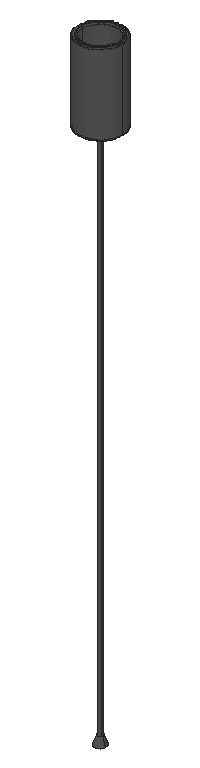
Revit family "CARLO CYLINDER LIGHT Pendant_ Surface", category Lighting Fixtures, host Face, Revit 2020 (continued)
Types (13): name | Wattage_Input | Wattage Comments | Wattage | built-in parameter 1150134 | Size 08 | Size 04 | Photometric Web File | built-in parameter 1150142 | Model | built-in parameter 1150105 | Lumens | built-in parameter 1150107 | built-in parameter 1150106 | Fixture Height | Fixture Diameter | BEAMING ANGLE | Apparent Load
    8856 7.0818 7.2584 7.4461 7.6185 7.7828 7.9432 8.0996 8.2602 \r\n 8.4364 8.5971 8.7773 8.9379 9.1183 9.2942 9.4665 9.6271 9.8074 9.9719 \r\n 10.148 10.317 10.477 10.625 10.765 10.897 11.013 11.129 11.222 11.305 \r\n 11.414 \r\n2254.4 2254.6 2250.9 2242.1 2228.7 2213.4 2198.8 2183.7 2169.7 2151.3 \r\n 2127.2 2099.6 2067.2 2031.7 1992.2 1948.1 1901.8 1854 1804.9 1752.7 \r\n 1698.8 1640.5 1583.1 1524.1 1461.7 1394.9 1325.4 1255.5 1186.1 1120.1 \r\n 1065.8 1016.3 969.93 924.02 878.76 835.5 790.7 742.77 677.36 604.3 \r\n 522.47 438.66 353.19 271.77 193.37 128.32 78.772 52.664 42.075 33.818 \r\n 28.078 24.388 22.002 19.915 18.29 16.889 15.756 14.788 13.75 12.875 \r\n 11.929 11.045 10.254 9.4245 8.7057 8.1508 7.5577 7.2107 6.8102 6.5087 \r\n 6.3154 5.9757 5.7667 5.4193 5.1419 4.8335 4.2982 3.9517 3.4518 3.0261 \r\n 2.7085 2.1649 1.922 1.4757 1.1576 0.95997 0.54901 0.39026 0.16235 0.041109 \r\n 0.012258 0.000096 0 0 0 0 0 0 0 0 \r\n 0 0 0 0 0.0079569 0.031894 0.055888 0.075975 0.11588 0.15201 \r\n 0.20001 0.25211 0.31616 0.38429 0.44451 0.52454 0.60474 0.69662 0.79282 0.88508 \r\n 1.0011 1.1095 1.2336 1.35 1.4901 1.6345 1.7828 1.9391 2.107 2.2793 \r\n 2.4557 2.6361 2.8285 3.0329 3.2374 3.4379 3.6543 3.8708 4.0953 4.3079 \r\n 4.5318 4.7524 4.9808 5.2015 5.414 5.6385 5.867 6.0876 6.3082 6.5168 \r\n 6.7253 6.9253 7.1178 7.3023 7.4788 7.6513 7.8198 7.9842 8.1486 8.309 \r\n 8.4734 8.6418 8.8137 8.9861 9.1625 9.323 9.4874 9.6558 9.8282 10.005 \r\n 10.165 10.337 10.486 10.634 10.766 10.891 11.007 11.112 11.212 11.292 \r\n 11.414 \r\n2254.4 2250.9 2243.7 2232.2 2217.8 2203.8 2190.4 2177.4 2159.8 2135.8 \r\n 2109.3 2077.1 2041.9 2003.1 1959.9 1916.1 1870.2 1821.5 1772 1720.9 \r\n 1666.2 1607.5 1548.6 1486.4 1422 1353.5 1281.6 1211.3 1143.7 1083.5 \r\n 1033.1 984.82 938.93 895.01 850.55 809.96 764.63 716.24 647.91 570.42 \r\n 486.79 403.3 318.14 239.02 166.01 114.53 63.302 46.271 37.738 30.66 \r\n 26.346 23.246 21.224 19.33 17.836 16.597 15.527 14.474 13.517 12.647 \r\n 11.696 10.849 10.036 9.2551 8.7199 8.1244 7.7061 7.4205 7.0375 6.8789 \r\n 6.4972 6.2358 6.0751 5.5358 5.197 4.7344 4.2623 3.9483 3.3513 2.9885 \r\n 2.5096 2.1996 1.9034 1.3592 1.214 0.74985 0.53859 0.34236 0.10277 0.028814 \r\n 0.00030775 0 0 0 0 0 0 0 0 0 \r\n 0 0 0 0.007917 0.027799 0.063649 0.079814 0.12348 0.17145 0.21947 \r\n 0.27936 0.33938 0.40336 0.48322 0.56721 0.64729 0.7392 0.84284 0.94293 1.0548 \r\n 1.1708 1.2908 1.4228 1.5627 1.7067 1.8627 2.0267 2.1907 2.3702 2.5502 \r\n 2.7422 2.9342 3.1342 3.3462 3.5622 3.7744 3.9983 4.2224 4.4505 4.6825 \r\n 4.914 5.15 5.3664 5.6022 5.8265 6.0506 6.2589 6.4788 6.687 6.8991 \r\n 7.0914 7.2908 7.4712 7.6591 7.8274 7.9876 8.1437 8.2958 8.4558 8.6119 \r\n 8.7759 8.94 9.1115 9.2836 9.4477 9.6197 9.7839 9.948 10.116 10.276 \r\n 10.432 10.58 10.717 10.836 10.949 11.045 11.145 11.237 11.325 11.413 \r\n 11.414 \r\n2254.4 2248.7 2240.4 2227 2212.5 2199.7 2187.4 2171.8 2152 2128.6 \r\n 2099.5 2067.8 2031 1991.8 1948.2 1904.1 1858.3 1808 1758.7 1705.6 \r\n 1649.8 1590.7 1529.7 1467.4 1402.2 1331.9 1260.5 1189.2 1122.7 1067.2 \r\n 1016.8 969.77 924.73 880.57 837.89 796.3 750.59 698.49 627.52 546.33 \r\n 461.37 379.95 297.45 221.64 145.97 89.623 57.018 43.893 35.775 29.406 \r\n 25.578 22.891 20.852 19.118 17.667 16.491 15.418 14.359 13.43 12.514 \r\n 11.59 10.789 9.9539 9.2635 8.7837 8.201 7.8414 7.5605 7.1943 7.0677 \r\n 6.6606 6.385 6.1697 5.6195 5.2929 4.7348 4.2796 3.9653 3.3871 3.0768 \r\n 2.5186 2.214 1.8684 1.3834 1.2476 0.72646 0.5345 0.29439 0.063533 0 \r\n 0 0 0 0 0 0 0.000039 0.0040415 0.0080037 0.0080652 \r\n 0.016103 0.028111 0.040119 0.052232 0.076285 0.10438 0.1404 0.17651 0.22065 0.27657 \r\n 0.33661 0.39678 0.4728 0.54495 0.62901 0.71318 0.80928 0.90943 1.0175 1.1257 \r\n 1.2493 1.3537 1.4977 1.6339 1.7821 1.9423 2.1064 2.2746 2.4509 2.639 \r\n 2.8272 3.0234 3.227 3.4352 3.6474 3.8675 4.0799 4.3199 4.5442 4.7763 \r\n 5.0084 5.2286 5.4528 5.6882 5.9084 6.1286 6.3526 6.5648 6.7769 6.9811 \r\n 7.189 7.3771 7.5652 7.7452 7.9169 8.0849 8.2409 8.3852 8.5533 8.7133 \r\n 8.8697 9.0497 9.2218 9.3899 9.554 9.7217 9.8938 10.058 10.21 10.37 \r\n 10.526 10.67 10.806 10.926 11.038 11.138 11.234 11.322 11.398 11.477 \r\n 11.414 \r\n2254.4 2248.4 2236.7 2223.6 2209.5 2197.1 2183.6 2167 2145.2 2119.8 \r\n 2088.3 2055 2016.4 1974.8 1932.1 1886.7 1838.3 1788.6 1738 1682.3 \r\n 1623.9 1562.1 1499.7 1434.4 1367.6 1298.3 1228.5 1157.7 1098.2 1045.9 \r\n 996.62 950.94 905.81 862.38 821.29 776.91 728.25 664.32 586.48 505.36 \r\n 421.39 337.78 257.07 182.59 126.06 69.73 48.753 39.893 32.779 27.071 \r\n 24.409 21.937 20.125 18.518 17.247 16.159 15.096 14.101 13.202 12.248 \r\n 11.393 10.597 9.7433 9.1903 8.6449 8.167 7.9474 7.5248 7.3139 7.0697 \r\n 6.6664 6.4995 5.9675 5.5728 5.1838 4.5929 4.3164 3.699 3.3391 2.9783 \r\n 2.4429 2.2865 1.6342 1.3781 1.0385 0.66596 0.5822 0.19697 0.077497 0.020673 \r\n 0.00022025 0 0 0 0 0 0 0 0 0 \r\n 0 0 0.0039652 0.027806 0.051863 0.083857 0.1198 0.15985 0.21182 0.26395 \r\n 0.324 0.39207 0.46816 0.54434 0.63638 0.72463 0.82078 0.92071 1.0289 1.153 \r\n 1.2654 1.4014 1.5338 1.6859 1.8343 1.9906 2.1628 2.3392 2.5191 2.7114 \r\n 2.9039 3.1042 3.3126 3.5211 3.7376 3.962 4.1826 4.411 4.6396 4.8602 \r\n 5.088 5.3205 5.5333 5.7656 5.9902 6.2068 6.4273 6.6439 6.8524 7.049 \r\n 7.2415 7.4295 7.614 7.7866 7.9669 8.1196 8.2719 8.4322 8.5847 8.7569 \r\n 8.9214 9.0897 9.2656 9.4301 9.5866 9.7469 9.9152 10.064 10.22 10.365 \r\n 10.513 10.657 10.79 10.906 11.014 11.115 11.191 11.263 11.331 11.411 \r\n 11.414 \r\n2254.4 2247.4 2236.4 2222.3 2206.3 2194.1 2181 2163.2 2140.8 2114.6 \r\n 2084.1 2050.2 2012.4 1970.4 1924.7 1877.6 1828.2 1776 1721.6 1663.7 \r\n 1604.7 1543.4 1479.9 1415.4 1349.2 1279.9 1212 1146.6 1089.9 1038.5 \r\n 990.75 946 900.23 856.87 811.84 768.29 710.5 642.98 562.52 475.88 \r\n 393.7 317.1 242.19 167.4 107.52 64.246 46.84 38.48 31.744 26.63 \r\n 24.12 21.668 19.901 18.356 17.11 16.047 14.945 13.979 13.087 12.082 \r\n 11.264 10.434 9.6426 9.1205 8.5296 8.0861 7.8519 7.4207 7.2396 6.9856 \r\n 6.5784 6.3832 5.8915 5.5694 5.1272 4.5807 4.23 3.6465 3.3365 2.8754 \r\n 2.4319 2.184 1.5784 1.4154 0.97519 0.64036 0.51459 0.14746 0.027851 0 \r\n 0 0 0 0 0 0 0.000039 0.0040496 0.0080794 0.01607 \r\n 0.020113 0.028266 0.052297 0.072351 0.092512 0.12478 0.17681 0.21703 0.26921 0.32524 \r\n 0.38549 0.45769 0.52998 0.61421 0.69847 0.78678 0.88311 0.98747 1.0998 1.2162 \r\n 1.3362 1.4647 1.6051 1.7496 1.91 2.0705 2.2351 2.4155 2.5961 2.7887 \r\n 2.9813 3.1819 3.3899 3.6065 3.8231 4.0438 4.2684 4.501 4.7256 4.9503 \r\n 5.1828 5.4035 5.6321 5.8601 6.0886 6.3092 6.5258 6.7423 6.9548 7.1553 \r\n 7.3558 7.5442 7.7246 7.8971 8.069 8.2334 8.3897 8.5383 8.7026 8.8592 \r\n 9.0276 9.1961 9.3643 9.5129 9.6734 9.8413 10.002 10.154 10.314 10.455 \r\n 10.603 10.735 10.864 10.976 11.08 11.176 11.252 11.332 11.397 11.468 \r\n 11.414 \r\n2254.4 2247.8 2236.4 2222.1 2207 2191.8 2178 2161.2 2137.8 2112.3 \r\n 2080.1 2046.3 2007.2 1961.6 1912.9 1861.2 1809.7 1756.4 1698.8 1642.3 \r\n 1582.5 1521 1460.4 1396.4 1331.7 1264.2 1197.4 1138.2 1087.4 1037.6 \r\n 989.93 942.62 896.08 852.79 808.02 758.33 693.78 617.03 536.01 454.14 \r\n 369.58 290.45 215.32 147.21 102.95 58.967 45.145 36.938 30.367 26.155 \r\n 23.546 21.278 19.537 18.035 16.822 15.759 14.693 13.742 12.832 11.871 \r\n 11.052 10.213 9.4114 8.8989 8.299 7.8722 7.6019 7.2028 7.0557 6.7014 \r\n 6.3963 6.2227 5.6949 5.3915 4.9327 4.3571 4.1325 3.532 3.1646 2.7128 \r\n 2.2878 2.0454 1.4918 1.2963 0.8508 0.57615 0.4343 0.14363 0.045167 0.00049497 \r\n 0 0 0 0 0 0 0 0 0 0 \r\n 0 0 0.019812 0.035882 0.071731 0.10383 0.14766 0.19569 0.24773 0.30773 \r\n 0.36783 0.43981 0.5159 0.59995 0.68013 0.77612 0.87624 0.98405 1.1001 1.2242 \r\n 1.3366 1.4725 1.6127 1.7688 1.9211 2.0892 2.2654 2.4417 2.6294 2.8217 \r\n 3.0179 3.2143 3.4264 3.6388 3.863 4.0834 4.3117 4.5401 4.7764 5.0049 \r\n 5.2366 5.4611 5.6934 5.9297 6.1582 6.3787 6.599 6.8194 7.0279 7.2323 \r\n 7.4287 7.6205 7.797 7.9773 8.1417 8.2981 8.4623 8.6186 8.7709 8.943 \r\n 9.1074 9.2716 9.4355 9.5918 9.756 9.9124 10.069 10.225 10.373 10.521 \r\n 10.65 10.774 10.886 10.983 11.079 11.155 11.235 11.303 11.352 11.4 \r\n 11.414 \r\n" | "CCL4-07-20SPSW8-60-PSM-BK" | 2169.2 (stored number, unit not read) | 1900 lm | 5000 (stored number, unit not read) | 21.692 (stored number, unit not read) | 0' - 7 51/256" | 0' - 4" | 60.00° | 20 VA
